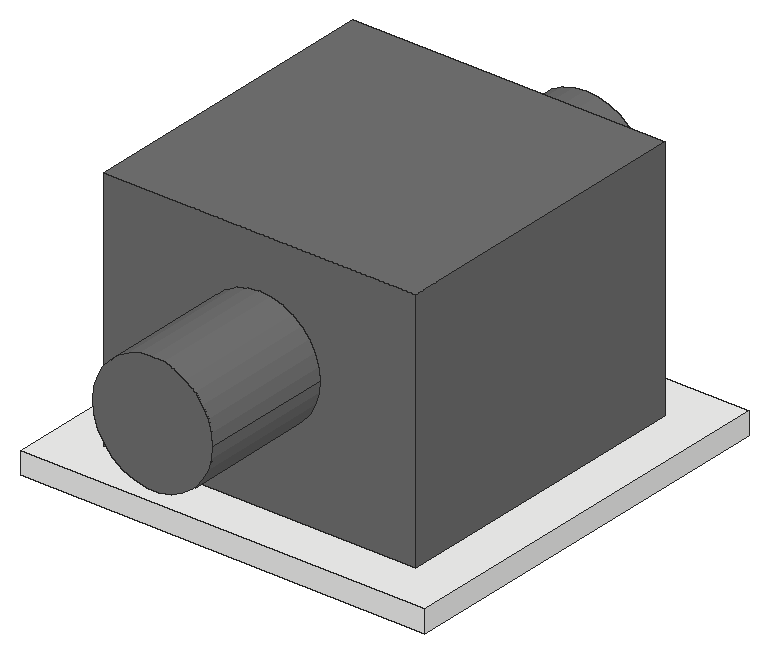
Revit family "vd-13_15zf(p)c14-bl_50Hz", category 機械設備, Revit 2019
Family settings
  丸型コネクタ寸法 = 直径を使用
  パーツ タイプ = 標準
  OmniClass 番号 = 23.75.35.17.27
  OmniClass タイトル = Centrifugal Fans
  作業面ベース = いいえ
  常に垂直 = はい
  ロード時にボイドで切り取り = いいえ
  共有 = いいえ
  部屋計算ポイント = はい
Parameters (values of type "VD-15ZFPC14-BL")
  騒音レベル(dB(A)) [instance] = 31.5
  風量 [instance] = 185.0 m³/h
  電源種別 [instance] = ""
  電圧 = 100 V
  電動機出力 = 0 W
  電動機_種別 [instance] = ""
  運転質量 = 0.00 kg
  連動 [instance] = ""
  質量 = if(製品質量 > 運転質量, 製品質量, 運転質量) * 1.2  # 4.08 kg
  負荷分類 = 3_ファン類
  説明 = "優良住宅部品(BL部品)認定 ダクト用換気扇<換気ユニット サニタリー用ファン 2室用Ⅲ型>"
  設計風量 [instance] = 0.0 m³/h
  設置方法 = "天埋"
  記号 [instance] = ""
  製造元 = "三菱電機株式会社"
  製品質量 = 3.40 kg
  製品出荷対象 = "国内"
  製品リリース年月 = "2024年6月3日"
  製品グループ = ""
  系統 [instance] = ""
  符号 [instance] = if(☑給気／□排気, "FS", "FE")  # "FE"
  積算_科目 = "2 換気設備"
  積算_拾い区分 [instance] = ""
  相 = 1
  盤記号 [instance] = ""
  発停方法 [instance] = ""
  特殊仕様 [instance] = ""
  火災停止 [instance] = ""
  消費電力 = 25.5 W
  法定耐用年数 = "15"
  機外静圧 [instance] = 0.0 Pa
  極数 = 2
  材質 [instance] = ""
  操作・制御方式 = ""
  操作・制御スイッチ = ""
  排気量 [instance] = if(☑給気／□排気, 0.0 m³/h, 設計風量)  # 0.0 m³/h
  形式 = "天井埋込ダクト形"
  幹線記号 [instance] = ""
  対象室 [instance] = ""
  実風量 [instance] = 0.0 m³/h
  始動方式 [instance] = "直入"
  外気量 [instance] = if(☑給気／□排気, 設計風量, 0.0 m³/h)  # 0.0 m³/h
  呼称 = "天井扇"
  周波数 = 50 Hz
  参照している仕様書等のバージョン = ""
  分類コード = "50052503100030"
  分類グループ = ""
  価格 = 44400
  企業コード = "108420"
  付属品_防振装置 = ""
  付属品 [instance] = ""
  仕様書バージョン = "Version1.0"
  モデル = "VD-15ZFPC14-BL"
  マテリアル = 合成樹脂(黒)
  ファンの種類 = ""
  ダクト径 = 100 mm
  コメント [instance] = ""
  Keynote = ""
  カバーマテリアル = 合成樹脂(白)
  ☑給気／□排気 [instance] = no
  Width = 254 mm
  W1 = 330 mm
  Version = ""
  Uniclass2015Version = "Systems v1.9"
  Uniclass2015Title = "Centrifugal fans"
  Uniclass2015Code = "Pr_65_67_29_12"
  URL = "https://www.mitsubishielectric.co.jp/ldg/wink/qr/002/333614/"
  SpecificationReference = ""
  SpecificationDescription = ""
  Revision = ""
  RAダクト接続口_3 = no
  RAダクト接続口_2 = no
  RAダクト接続口_1 = yes
  RAサイズ_D = 98 mm
  RA_Duct_Height = 109 mm
  RA_Duct_Depth = 79 mm
  ProductInformation = ""
  OmniClassCode = "23-33 31 19 11 15"
  MIN風量 = 0.0 m³/h
  MIN静圧 = 0.0 Pa
  MID風量 = 0.0 m³/h
  MID静圧 = 0.0 Pa
  MAX風量 = 185.0 m³/h
  MAX静圧 = 0.0 Pa
  IfcTypeProduct = ""
  IfcProduct = ""
  IfcExportType = "PROPELLORAXIAL"
  IfcExportAs = "IfcFanType"
  Height = 200 mm
  H1 = 18 mm
  EAサイズ_D = 98 mm
  EA_Duct_Height = 109 mm
  EA_Duct_Depth = 109 mm
  Duct_Height = 111 mm
  Duct_Depth = 114 mm
  Duct_Center = 0 mm
  Depth = 254 mm
  D1 = 330 mm
  Box_Width = 24.336 mm
  Box_W = 104.664 mm
  Box_Height = 87 mm
  Box_H = 41.608 mm
  Author = "三菱電機株式会社"
Types (3, lengths in mm): name | 騒音レベル(dB(A)) | 風量 | 質量 | 説明 | 製品質量 | 消費電力 | 価格 | モデル | URL | MAX風量
  VD-13ZFC14-BL | 29.5 | 175.0 m³/h | 3.84 kg | "優良住宅部品(BL部品)認定 ダクト用換気扇<換気ユニット サニタリー用ファン 2室用I型>" | 3.20 kg | 13.5 W | 36100 | "VD-13ZFC14-BL" | "https://www.mitsubishielectric.co.jp/ldg/wink/qr/002/333589/" | 175.0 m³/h
  VD-15ZFC14-BL | 34 | 210.0 m³/h | 3.84 kg | "優良住宅部品(BL部品)認定 ダクト用換気扇<換気ユニット サニタリー用ファン 2室用Ⅱ型>" | 3.20 kg | 20 W | 37200 | "VD-15ZFC14-BL" | "https://www.mitsubishielectric.co.jp/ldg/wink/qr/002/333609/" | 210.0 m³/h
  VD-15ZFPC14-BL | 31.5 | 185.0 m³/h | 4.08 kg | "優良住宅部品(BL部品)認定 ダクト用換気扇<換気ユニット サニタリー用ファン 2室用Ⅲ型>" | 3.40 kg | 25.5 W | 44400 | "VD-15ZFPC14-BL" | "https://www.mitsubishielectric.co.jp/ldg/wink/qr/002/333614/" | 185.0 m³/h
Reference planes
  plane 1 "中心(正面/背面)": y = 0
  plane 2: z = 0
  plane 3 "中心(左/右)": x = 0
  plane 4: x = -165
  plane 5: x = 165
  plane 6: y = 165
  plane 7: y = -165
  plane 8: x = -127
  plane 9: x = 127
  plane 10: y = 127
  plane 11: y = -127
  plane 12: y = -236
  plane 13: z = 200
  plane 14: z = -18
  plane 15: z = 109
  plane 16: x = 0
  plane 17: y = 206
  plane 18: z = 109
  plane 19: x = 206
  plane 20: x = -206
  plane 21: z = 109
  plane 22: x = 104.664
  plane 23: x = 80.327
  plane 24: z = 23.608
  plane 25: z = 110.608
Forms (mm)
  Extrusion 1, solid, material "合成樹脂(黒)" <- "マテリアル", detail levels fine
    sketch origin (0, 0, 0) x (1, 0, 0) y (0, 1, 0)
      loop
        line (-127, 127) -> (-127, -127) -> (127, -127) -> (127, 127) -> (-127, 127)
    from 0 to 200
  Extrusion 2, solid, material "合成樹脂(白)" <- "カバーマテリアル", detail levels fine
    sketch origin (0, 0, 0) x (1, 0, 0) y (0, 1, 0)
      loop
        line (-165, 165) -> (-165, -165) -> (165, -165) -> (165, 165) -> (-165, 165)
    from 0 to -18
  Extrusion 3, solid, material "合成樹脂(黒)" <- "マテリアル", detail levels fine
    sketch origin (0, 0, 0) x (1, 0, 0) y (0, 0, 1)
      loop
        circle (0, 109) r 49
    from 127 to 236
  Extrusion 4, solid, material "合成樹脂(黒)" <- "マテリアル", visible <- "RAダクト接続口_1", detail levels fine
    sketch origin (1.655, 0, 0) x (1, 0, 0) y (0, 0, 1)
      loop
        circle (-1.655, 109) r 49
    from -206 to -127
  Extrusion 5, solid, material "合成樹脂(黒)" <- "マテリアル", visible <- "RAダクト接続口_3", detail levels fine
    sketch origin (0, 0, 0) x (0, 1, 0) y (0, 0, 1)
      loop
        circle (0, 109) r 49
    from -206 to -127
  Extrusion 6, solid, material "合成樹脂(黒)" <- "マテリアル", visible <- "RAダクト接続口_2", detail levels fine
    sketch origin (0, 0, 0) x (0, 1, 0) y (0, 0, 1)
      loop
        circle (0, 109) r 49
    from 127 to 206
Dimensions and locks
  equal spacing: plane 4, plane 3 "中心(左/右)", plane 5
  "W1": plane 4 to plane 5
  equal spacing: plane 6, plane 1 "中心(正面/背面)", plane 7
  "D1": plane 6 to plane 7
  equal spacing: plane 8, plane 3 "中心(左/右)", plane 9
  "Width": plane 8 to plane 9
  equal spacing: plane 10, plane 1 "中心(正面/背面)", plane 11
  "Depth": plane 10 to plane 11
  "EA_Duct_Depth": plane 11 to plane 12
  "Height": plane 13 to plane 2
  "EA_Duct_Height": plane 15 to plane 2
  "H1": plane 2 to plane 14
  "Duct_Center": plane 3 "中心(左/右)" to plane 16
  "RA_Duct_Height": level to plane 18
  "RA_Duct_Depth": plane 17 to plane 10
  "RA_Duct_Depth": plane 9 to plane 19
  "RA_Duct_Depth": plane 20 to plane 8
  "RA_Duct_Height": plane 21 to level
  "Box_W": plane 22 to plane 3 "中心(左/右)"
  "Box_Width": plane 22 to plane 23
  "Box_H": plane 24 to plane 14
  "Box_Height": plane 25 to plane 24
  "EAサイズ_D": diameter of Extrusion 3 sketch curve
  "RAサイズ_D": diameter of Extrusion 4 sketch curve
  "RAサイズ_D": diameter of Extrusion 6 sketch curve
  "RAサイズ_D": diameter of Extrusion 6
  aligned and locked: level to plane 2
  aligned and locked: plane 5 to Extrusion 2
  aligned and locked: plane 6 to Extrusion 2
  aligned and locked: Extrusion 2 to plane 4
  aligned and locked: Extrusion 2 to plane 7
  aligned and locked: plane 9 to Extrusion 1
  aligned and locked: Extrusion 1 to plane 11
  aligned and locked: Extrusion 1 to plane 8
  aligned and locked: plane 10 to Extrusion 1
  aligned and locked: plane 13 to Extrusion 1
  aligned and locked: Extrusion 2 to plane 14
  aligned and locked: level to Extrusion 2
  aligned and locked: Extrusion 1 to level
  aligned and locked: Extrusion 3 to plane 12
  aligned and locked: plane 11 to Extrusion 3
  aligned and locked: plane 17 to Extrusion 4
  aligned and locked: Extrusion 4 to plane 10
  aligned and locked: plane 8 to Extrusion 5
  aligned and locked: Extrusion 5 to plane 20
  aligned and locked: Extrusion 6 to plane 9
  aligned and locked: plane 19 to Extrusion 6
Automatic sketch dimensions
  Extrusion 1 sketch curve to plane 3 "中心(左/右)" = 127 mm
  plane 3 "中心(左/右)" to Extrusion 1 sketch curve = 127 mm
  Extrusion 2 sketch curve to plane 3 "中心(左/右)" = 165 mm
  plane 3 "中心(左/右)" to Extrusion 2 sketch curve = 165 mm
  plane 1 "中心(正面/背面)" to Extrusion 1 sketch curve = 127 mm
  Extrusion 1 sketch curve to plane 1 "中心(正面/背面)" = 127 mm
  plane 1 "中心(正面/背面)" to Extrusion 2 sketch curve = 165 mm
  Extrusion 2 sketch curve to plane 1 "中心(正面/背面)" = 165 mm
  Extrusion 3 sketch curve to plane 15 = 0 mm
  Extrusion 3 sketch curve to plane 16 = 0 mm
  Extrusion 4 sketch curve to plane 16 = 0 mm
  Extrusion 4 sketch curve to plane 18 = 0 mm
  Extrusion 6 sketch curve to plane 1 "中心(正面/背面)" = 0 mm
  Extrusion 6 sketch curve to plane 18 = 0 mm
  Extrusion 5 sketch curve to plane 1 "中心(正面/背面)" = 0 mm
  Extrusion 5 sketch curve to plane 18 = 0 mm
  radius of Extrusion 5 sketch curve = 49 mm
Nested families
  nested 1: "記号_天井換気扇_平面" at (0, 0, 0), type "記号_天井換気扇_平面", detail levels coarse+medium
Connectors
  hvac at (0, -236, 109), driven by "ダクト径", driven by "風量", driven by "機外静圧"
    settings: on Extrusion 3, index 1, duct flow 185.0 m³/h, flow factor 0, pres drop 0.0 Pa, loss coef 0, conn angle 0.00°, conn width 304.8 mm, conn height 304.8 mm, conn diameter 100 mm, duct sys type 3, conn prof type 0, flow config 0, flow direction 2, loss method 4, conn ref index -1, conn util no, is conn primary yes, conn desc ""
  electrical at (0, 0, 200), driven by "極数", driven by "負荷分類", driven by "電圧", driven by "消費電力"
    settings: on Extrusion 1, index 2, voltage 100 V, apparent load 25.5 VA, apparent load phase1 0 VA, apparent load phase2 0 VA, apparent load phase3 0 VA, power factor 1, load classification "3_ファン類", number of poles 2, system type 30, power factor state 1, is connector primary yes, connector utility no, sub classification motor no, connector description ""
  hvac at (0, 206, 109), driven by "ダクト径", driven by "機外静圧", driven by "風量"
    settings: on Extrusion 4, index 4, duct flow 185.0 m³/h, flow factor 0, pres drop 0.0 Pa, loss coef 0, conn angle 0.00°, conn width 304.8 mm, conn height 304.8 mm, conn diameter 100 mm, duct sys type 2, conn prof type 0, flow config 0, flow direction 1, loss method 4, conn ref index -1, conn util no, is conn primary no, conn desc ""
  hvac at (206, 0, 109), driven by "RAサイズ_D", driven by "機外静圧", driven by "風量"
    settings: on Extrusion 6, index 5, duct flow 185.0 m³/h, flow factor 0, pres drop 0.0 Pa, loss coef 0, conn angle 0.00°, conn width 304.8 mm, conn height 304.8 mm, conn diameter 98 mm, duct sys type 2, conn prof type 0, flow config 0, flow direction 1, loss method 4, conn ref index -1, conn util no, is conn primary no, conn desc ""
  hvac at (-206, 0, 109), driven by "RAサイズ_D", driven by "機外静圧", driven by "風量"
    settings: on Extrusion 5, index 6, duct flow 185.0 m³/h, flow factor 0, pres drop 0.0 Pa, loss coef 0, conn angle 0.00°, conn width 304.8 mm, conn height 304.8 mm, conn diameter 98 mm, duct sys type 2, conn prof type 0, flow config 0, flow direction 1, loss method 4, conn ref index -1, conn util no, is conn primary no, conn desc ""
Definition of nested family "記号_天井換気扇_平面"
  Reference planes
    plane 1: y = 0
    plane 2: x = 0
  Lines and regions (mm)
    detail lines
      curve 1: line (-2.5, 2.5, 0) -> (2.5, 2.5, 0)
      curve 2: line (-2.5, -2.5, 0) -> (-2.5, 2.5, 0)
      curve 3: line (2.5, -2.5, 0) -> (-2.5, -2.5, 0)
      curve 4: line (2.5, 2.5, 0) -> (2.5, -2.5, 0)
      curve 5: circle (-1.04, -1.04, 0) r 1.46 normal (0, 0, 1)
      curve 6: circle (1.04, 1.04, 0) r 1.46 normal (0, 0, 1)
      curve 7: line (-3.125, 3.125, 0) -> (3.125, 3.125, 0)
      curve 8: line (-3.125, -3.125, 0) -> (-3.125, 3.125, 0)
      curve 9: line (3.125, -3.125, 0) -> (-3.125, -3.125, 0)
      curve 10: line (3.125, 3.125, 0) -> (3.125, -3.125, 0)
      curve 11: circle (1.295, 1.295, 0) r 1.83 normal (0, 0, 1)
      curve 12: circle (-1.295, -1.295, 0) r 1.83 normal (0, 0, 1)
      curve 13: line (-2, 2, 0) -> (2, 2, 0)
      curve 14: line (-2, -2, 0) -> (-2, 2, 0)
      curve 15: line (2, -2, 0) -> (-2, -2, 0)
      curve 16: line (2, 2, 0) -> (2, -2, 0)
      curve 17: circle (0.84, 0.84, 0) r 1.16 normal (0, 0, 1)
      curve 18: circle (-0.84, -0.84, 0) r 1.2 normal (0, 0, 1)
